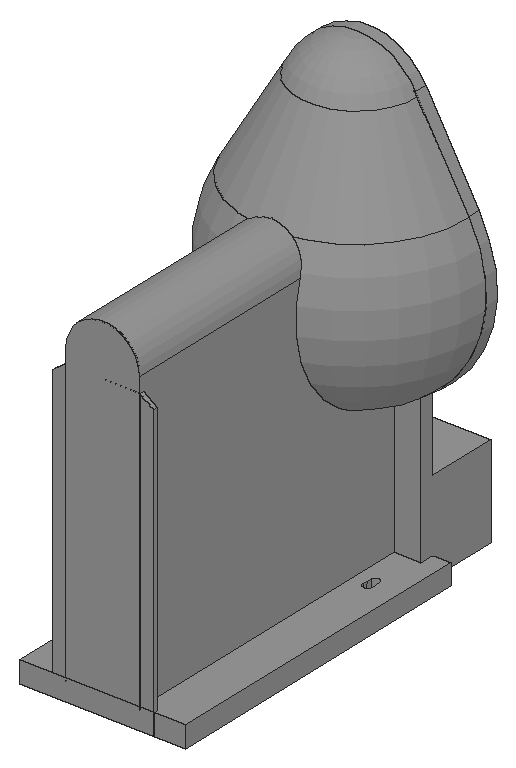
Revit family "Toilet-Willoughby-ETW-1490-FM-FA-BS-HC", category Plumbing Fixtures, Revit 2015
Parameters (values of type "Standard")
  Waste DIA = 2 3/8"
  Waste Connection = yes
  Vent Connection = no
  URL = "https://www.willoughby-ind.com/wp-content/uploads/2018/01/ETW-1490-FM-FA.pdf"
  Type Comments = ""
  Revision = "A"
  Model = "ETW-1490-FM-BS-HC"
  Manufacturer = "Willoughby Industries"
  HW Connection = no
  Flush Inlet DIA = 1 1/2"
  Flush Inlet Connection = yes
  Fixture Body = Stainless Steel AISI 304-Willoughby
  Description = "Handicap Blowout Series Toilet, Back Spud, Handicap Seat Height"
  Default Elevation = 0' - 0"
  Contact = "(800) 428-4065"
  CW Connection = no
Reference planes (in)
  plane 1 "Center (Front/Back)": y = 0
  plane 2: z = 0
  plane 3 "Center (Left/Right)": x = 0
  plane 4 "Seat HGT": y = 18
  plane 5 "Top": y = 19
  plane 6: y = 17.25
  plane 7: z = 18.5
  plane 8: z = 14.933
  plane 9: z = 15.30775
  plane 10: x = 7
  plane 11: z = 18.24525
  plane 12: z = 8
  plane 13: z = 10
  plane 14 "Waste HGT": y = 14.5
  plane 15 "Flush HGT": y = 19.75
  plane 16: z = 25.75
  plane 17: x = 4.5
  plane 18: x = -4.5
  plane 19: z = 1.125
  plane 20: z = -3
  plane 21: y = 22
  plane 22: x = 2
  plane 23: x = -2
  plane 24: x = 3.5
  plane 25: x = -3.5
Forms (in)
  Extrusion 1, solid, material "Stainless Steel AISI 304-Willoughby" <- "Fixture Body"
    sketch origin (0, 0, 0) x (1, 0, 0) y (0, 1, 0)
      loop
        line (-4.5, 0) -> (4.5, 0) -> (4.5, 18) -> (-4.5, 18) -> (-4.5, 0)
    from 0 to 1.125
  Revolve 2, solid, material "Stainless Steel AISI 304-Willoughby" <- "Fixture Body"
    sketch origin (-60, 17.25, 55.20755) x (-1, 0, 0) y (0, 0, 1)
      loop
        line (-60, -46.89981) -> (-60, -46.39981)
        arc (-60, -46.39981) -> (-65.42136, -42.59037) -> (-65.23755, -35.96698) r 7
        line (-65.23755, -35.96698) -> (-62.80388, -31.72393) -> (-62.74416, -31.59711)
        arc (-62.74416, -31.59711) -> (-61.61332, -30.35842) -> (-60, -29.89981) r 3.067
        line (-60, -29.89981) -> (-60, -29.39981)
        arc (-60, -29.39981) -> (-61.93389, -29.96955) -> (-63.25, -31.49678) r 3.567
        line (-63.25, -31.49678) -> (-66.0721, -36.41706)
        arc (-66.0721, -36.41706) -> (-66.0572, -43.40842) -> (-60, -46.89981) r 7
      axis (-60, -29.39981) -> (-60, -46.89981)
    angle from 0 to 180
  Extrusion 3, solid, material "Stainless Steel AISI 304-Willoughby" <- "Fixture Body"
    sketch origin (0, 0, 7.20755) x (1, 0, 0) y (0, 0, 1)
      loop
        line (-3.5, 1.93865) -> (-3.5, -6.08255) -> (3.5, -6.08255) -> (3.5, 1.93865)
        arc (3.5, 1.93865) -> (6.77318, 6.23534) -> (6.01269, 11.58294) r 6.99928
        line (6.01269, 11.58294) -> (3.14932, 16.69649)
        arc (3.14932, 16.69649) -> (-0.10896, 18.5408) -> (-3.25, 16.50322) r 3.60945
        line (-3.25, 16.50322) -> (-6.10166, 11.42924)
        arc (-6.10166, 11.42924) -> (-6.75024, 6.14955) -> (-3.5, 1.93865) r 6.99928
      loop
        arc (-4.17861, 9.875) -> (0, 3.42) -> (4.17861, 9.875) r 4.58
        line (4.17861, 9.875) -> (1.45817, 16.45616)
        arc (1.45817, 16.45616) -> (-0.05754, 17.35793) -> (-1.5058, 16.35139) r 1.629
        line (-1.5058, 16.35139) -> (-4.17861, 9.875)
    from -18 to -17.25
  Extrusion 4, solid, material "Stainless Steel AISI 304-Willoughby" <- "Fixture Body"
    sketch origin (0, 0, 7.20827) x (0, 1, 0) y (0, 0, 1)
      loop
        line (0, 10) -> (0, -6.20827) -> (17.25, -6.20827) -> (17.25, 1.50333)
        arc (17.25, 1.50333) -> (12.13093, 4.2568) -> (11.23533, 10) r 6.52933
        line (11.23533, 10) -> (0, 10)
    from 2 to -2
  Revolve 5, solid, material "Stainless Steel AISI 304-Willoughby" <- "Fixture Body"
    sketch origin (0, 19.75, -24) x (0, 0, -1) y (-1, 0, 0)
      loop
        line (-21, 0) -> (-21, 0.75) -> (-25, 0.75) -> (-25, 0) -> (-21, 0)
      axis (-25, 0) -> (-21, 0)
    angle from 0 to 360
  Revolve 6, solid, material "Stainless Steel AISI 304-Willoughby" <- "Fixture Body"
    sketch origin (0, 14.5, -24) x (0, 0, -1) y (-1, 0, 0)
      loop
        line (-25, 0) -> (-21, 0) -> (-21, 1.1875) -> (-25, 1.1875) -> (-25, 0)
      axis (-25, 0) -> (-21, 0)
    angle from 0 to 360
  Extrusion 7, solid, material "Stainless Steel AISI 304-Willoughby" <- "Fixture Body"
    sketch origin (0, 0, 0) x (1, 0, 0) y (0, 0, 1)
      loop
        line (3.5, 0) -> (3.5, 5) -> (-3.5, 5) -> (-3.5, 0) -> (3.5, 0)
    from -18 to -22
  Extrusion 8, solid, material "Stainless Steel AISI 304-Willoughby" <- "Fixture Body"
    sketch origin (0, 0, 0) x (1, 0, 0) y (0, 0, 1)
      loop
        line (2.75, 0) -> (2.75, 15.84404) -> (1.97095, 16.433) -> (-2.02655, 16.433) -> (-2.75, 15.88607) -> (-2.75, 0) -> (2.75, 0)
    from 0 to -0.25
  Extrusion 9, solid, material "Stainless Steel AISI 304-Willoughby" <- "Fixture Body"
    sketch origin (0, 0, 0) x (1, 0, 0) y (0, 0, 1)
      loop
        arc (2, 17.20827) -> (0, 19.20827) -> (-2, 17.20827) r 2
        line (-2, 17.20827) -> (2, 17.20827)
    from 0 to -11.45573
  Extrusion 10, void
    sketch origin (0, 0, 0) x (1, 0, 0) y (0, 1, 0)
      loop
        line (2.75, 14.5) -> (2.75, 14.25)
        arc (2.75, 14.25) -> (3, 14) -> (3.25, 14.25) r 0.25
        line (3.25, 14.25) -> (3.25, 14.75)
        arc (3.25, 14.75) -> (3, 15) -> (2.75, 14.75) r 0.25
        line (2.75, 14.75) -> (2.75, 14.5)
      loop
        line (-3, 14.5) -> (-3, 14.25)
        arc (-3, 14.25) -> (-2.75, 14) -> (-2.5, 14.25) r 0.25
        line (-2.5, 14.25) -> (-2.5, 14.75)
        arc (-2.5, 14.75) -> (-2.75, 15) -> (-3, 14.75) r 0.25
        line (-3, 14.75) -> (-3, 14.5)
    from 0 to 2
Cuts and joins
  joined: Extrusion 3, Extrusion 7
  joined: Extrusion 4, Extrusion 9
  Extrusion 10 cuts Extrusion 1
Lines and regions (in)
  symbolic lines
    curve 1: line (-6.99928, 17.25, 0) -> (-6.99928, 18, 0)
    curve 2: line (-6.99928, 18, 0) -> (6.99928, 18, 0)
    curve 3: line (6.99928, 18, 0) -> (6.99928, 17.25, 0)
    curve 4: arc (6.99928, 17.25, 0) -> (5.61199, 13.06699, 0) -> (2, 10.54198, 0) r 7.00004
    curve 5: arc (-2, 10.5, 0) -> (-5.61336, 13.05014, 0) -> (-6.99928, 17.25, 0) r 7.05654
    curve 6: line (4.5, 11.88868, 0) -> (4.5, 0, 0)
    curve 7: line (4.5, 0, 0) -> (-4.5, 0, 0)
    curve 8: line (-4.5, 0, 0) -> (-4.5, 11.8624, 0)
    curve 9: line (2, 10.54198, 0) -> (2, 0, 0)
    curve 10: line (-2, 0, 0) -> (-2, 10.5, 0)
    curve 11: line (-2.75, 0, 0) -> (-2.75, 0.25, 0)
    curve 12: line (-2.75, 0.25, 0) -> (-2, 0.25, 0)
    curve 13: line (2, 0.25, 0) -> (2.75, 0.25, 0)
    curve 14: line (2.75, 0.25, 0) -> (2.75, 0, 0)
    curve 15: line (-2, 10.5, 0) -> (-2, 10.86373, 0)
    curve 16: line (2, 10.54198, 0) -> (2, 10.86373, 0)
    curve 17: arc (2, 10.86373, 0) -> (1.72801, 11.13343, 0) -> (1.371, 11.27221, 0) r 0.93982
    curve 18: arc (-1.379, 11.27221, 0) -> (-1.72143, 11.11652, 0) -> (-2, 10.86373, 0) r 1.2176
    curve 19: arc (-1.379, 11.27221, 0) -> (-0.004, 11.42848, 0) -> (1.371, 11.27221, 0) r 6.12753
    curve 20: line (-3.5, 18, 0) -> (-3.5, 22, 0)
    curve 21: line (-3.5, 22, 0) -> (3.5, 22, 0)
    curve 22: line (3.5, 22, 0) -> (3.5, 18, 0)
    curve 23: line (-3.5, 0, 9.1462) -> (-3.5, 0, 1.125)
    curve 24: line (-3.5, 0, 1.125) -> (-4.5, 0, 1.125)
    curve 25: line (-4.5, 0, 1.125) -> (-4.5, 0, 0)
    curve 26: line (-4.5, 0, 0) -> (4.5, 0, 0)
    curve 27: line (4.5, 0, 0) -> (4.5, 0, 1.125)
    curve 28: line (4.5, 0, 1.125) -> (3.5, 0, 1.125)
    curve 29: line (3.5, 0, 1.125) -> (3.5, 0, 9.1462)
    curve 30: arc (3.5, 0, 9.1462) -> (6.7665, 0, 13.44017) -> (6.0721, 0, 18.7905) r 7.10069
    curve 31: line (6.0721, 0, 18.7905) -> (3.13372, 0, 23.93162)
    curve 32: arc (3.13372, 0, 23.93162) -> (1.81244, 0, 25.27988) -> (0, 0, 25.80775) r 3.72684
    curve 33: arc (0, 0, 25.80775) -> (-1.94954, 0, 25.26225) -> (-3.25, 0, 23.71078) r 3.42319
    curve 34: line (-3.25, 0, 23.71078) -> (-6.10166, 0, 18.63679)
    curve 35: arc (-6.10166, 0, 18.63679) -> (-6.75024, 0, 13.3571) -> (-3.5, 0, 9.1462) r 6.99928
    curve 36: line (3.5, 0, 5.1356) -> (-3.5, 0, 5.1356)
    curve 42: line (0, 11.45573, 19.20827) -> (0, 0, 19.20827)
    curve 43: line (0, 0, 19.20827) -> (0, 0, 0)
    curve 44: line (0, 0, 0) -> (0, 22, 0)
    curve 45: line (0, 22, 0) -> (0, 22, 5)
    curve 46: line (0, 22, 5) -> (0, 18, 5)
    curve 47: line (0, 18, 5) -> (0, 18, 25.75)
    curve 48: line (0, 18, 25.75) -> (0, 17.25, 25.75)
    curve 49: arc (0, 17.25, 25.75) -> (0, 15.33161, 25.19798) -> (0, 14, 23.71078) r 3.60945
    curve 50: line (0, 14, 23.71078) -> (0, 11.45573, 19.20827)
    curve 51: arc (0, 11.45573, 19.20827) -> (0, 11.05124, 18.02388) -> (0, 10.76664, 16.80512) r 12.55881
    curve 52: arc (0, 10.76664, 16.80512) -> (0, 12.00498, 11.12851) -> (0, 17.25, 8.62908) r 6.60162
    curve 53: line (0, 18, 9.1462) -> (0, 17.25, 9.1462)
    curve 54: line (0, 17.25, 9.1462) -> (0, 17.25, 1.125)
    curve 55: line (0, 17.25, 1.125) -> (0, 0, 1.125)
  symbolic lines, detail levels fine
    curve 37: arc (4.23214, 0, 16.95838) -> (-0.06761, 0, 10.62805) -> (-4.17861, 0, 17.08255) r 4.58
    curve 38: line (-4.17861, 0, 17.08255) -> (-1.5058, 0, 23.55895)
    curve 39: line (1.45817, 0, 23.66371) -> (4.23214, 0, 16.95838)
    curve 40: arc (1.45817, 0, 23.66371) -> (0.87472, 0, 24.35033) -> (0, 0, 24.5665) r 1.46726
    curve 41: arc (0, 0, 24.5665) -> (-0.9059, 0, 24.29138) -> (-1.5058, 0, 23.55895) r 1.629
Dimensions and locks (in)
  plane 7 to level = 1' - 6 1/2"
  plane 5 "Top" to plane 1 "Center (Front/Back)" = 1' - 7"
  plane 4 "Seat HGT" to plane 1 "Center (Front/Back)" = 1' - 6"
  plane 14 "Waste HGT" to plane 1 "Center (Front/Back)" = 1' - 2 1/2"
  plane 1 "Center (Front/Back)" to plane 14 "Waste HGT" = 1' - 2 1/2"
  plane 1 "Center (Front/Back)" to plane 15 "Flush HGT" = 1' - 7 3/4"
  plane 6 to plane 1 "Center (Front/Back)" = 1' - 5 1/4"
  level to plane 16 = 2' - 1 3/4"
  plane 18 to plane 17 = 0' - 9"
  plane 1 "Center (Front/Back)" to plane 4 "Seat HGT" = 1' - 6"
  cut or joined group of Extrusion 3, Extrusion 7 to plane 1 "Center (Front/Back)" = 1' - 10"
  plane 1 "Center (Front/Back)" to plane 21 = 1' - 10"
  plane 18 to plane 3 "Center (Left/Right)" = 0' - 4 1/2"
  plane 21 to plane 1 "Center (Front/Back)" = 1' - 10"
  plane 23 to plane 22 = 0' - 4"
  aligned and locked: plane 17 to Extrusion 1
  aligned and locked: Extrusion 1 to plane 18
  aligned and locked: Extrusion 7 to Extrusion 3
  aligned and locked: Extrusion 7 to level
  aligned and locked: Extrusion 3 to Extrusion 7
  aligned and locked: Extrusion 7 to plane 25
  aligned and locked: Extrusion 3 to plane 25
  aligned and locked: plane 24 to Extrusion 3
Connectors (in)
  piping at (0, 14.5, -3), diameter 2.375, driven by "Waste Connection", driven by "Waste DIA"
    settings: on Revolve 6, index 1, connector inside diameter 24", connector length 0' - 0", flow factor 0, pipe flow 0 GPM, pressure drop 0.00 psi, fitting loss kfactor 0, connector angle 0.00°, fixture units 0, engagement length 0' - 0", angle of deflection 0.00°, flow configuration 0, flow direction 2, fitting loss method 0, system type 16, joint type 0, gender type 0, connector reference index -1, connector utility 1, adjustable connector no, is connector primary yes, connector description "Toilet Waste"
  piping at (0, 19.75, -3), diameter 1.5, driven by "Flush Inlet Connection", driven by "Flush Inlet DIA"
    settings: on Revolve 5, index 2, connector inside diameter 24", connector length 0' - 0", flow factor 0, pipe flow 0 GPM, pressure drop 0.00 psi, fitting loss kfactor 0, connector angle 0.00°, fixture units 0, engagement length 0' - 0", angle of deflection 0.00°, flow configuration 0, flow direction 1, fitting loss method 0, system type 20, joint type 0, gender type 0, connector reference index -1, connector utility 1, adjustable connector no, is connector primary no, connector description "Flush Inlet"
